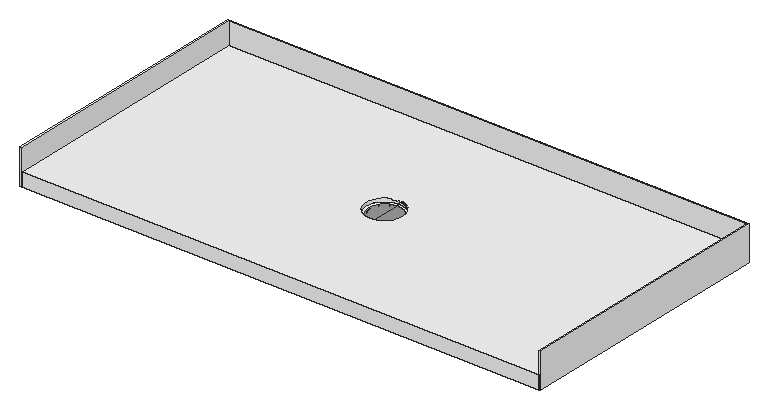
Revit family "1Plumbing-Fixture_Mincey-Marble-Manufacturing_TP-CUST-Custom-Transfer-Shower-Pan", category Plumbing Fixtures, host Face, Revit 2022
Family settings
  Host = Face
  Round Connector Dimension = Use Diameter
  Part Type = Normal
  OmniClass Number = 23.45.05.14.11.21
  Cut with Voids When Loaded = No
  Maintain Annotation Orientation = No
  Shared = No
  Room Calculation Point = No
Parameters (values of type "TP-CUST - Custom Transfer Shower Pan")
  Version = 1
  URL = "https://minceymarble.com/"
  Product data url = ""
  Product Page URL = "https://minceymarble.com/product/tp-cust-custom-transfer-pan"
  Product Material Note [instance] = "Available Product Material: Almond, Bone, Cream, Ivory, White, Light Gray, Putty."  # constant formula
  Product Material [instance] = Mincey Marble Manufacturing - Cast Marble - White
  Product Documentation Link = "https://minceymarble.com/products-specifications-tp-cust-custom-transfer-pan"
  Model = "TP-CUST"
  Manufacturer = "Mincey Marble Manufacturing"  # constant formula
  Length Note [instance] = "Available Length range: 60-120\""  # constant formula
  Length Limits [instance] = if(Length > 120", 120", if(Length < 60", 60", Length))  # 60"
  Length [instance] = 60"
  Keynote = "22 40 00.B5"
  Height = 4"  # constant formula
  Flow = 0 GPM
  Drain Vertical Offset Limits [instance] = if(or(Drain Vertical Offset = Length, Drain Vertical Offset > Length), Length Limits - 6", if(Drain Vertical Offset < 6", 6", Drain Vertical Offset))  # 30"
  Drain Vertical Offset [instance] = 30"
  Drain Horizontal Offset Limits [instance] = if(or(Drain Horizontal Offset = Depth, Drain Horizontal Offset > Depth), Depth Limits - 6", if(Drain Horizontal Offset < 6", 6", Drain Horizontal Offset))  # 15"
  Drain Horizontal Offset [instance] = 15"
  Drain Diameter = 2"
  Drain Cover Material Note [instance] = "Available Drain Cover Material: Solid, Decorative Metal"  # constant formula
  Drain Cover Material [instance] = Mincey Marble Manufacturing - PVC - Solid
  Description = "Custom Transfer Shower Pan"
  Depth Note [instance] = "Available Depth range: 30-60\""  # constant formula
  Depth Limits [instance] = if(Depth < 30", 30", if(Depth > 60", 60", Depth))  # 30"
  Depth [instance] = 30"
  Default Elevation = 48"
  Date Updated = ""
  Date Created = "2025/08/19"  # constant formula
  Assembly Code = "D2010.60"
Reference planes (in)
  plane 1 "Center (Front/Back)": y = 0
  plane 2: z = 0
  plane 3 "Center (Left/Right)": x = 0
  plane 4: x = -30
  plane 5: x = 30
  plane 6: y = 15
  plane 7: y = -15
  plane 8: z = -1.5
  plane 9: z = 2.5
  plane 10 "Drain 1": y = 0
  plane 11 "Drain 2": x = 0
Forms (in)
  Extrusion 1, solid, material "Mincey Marble Manufacturing - Cast Marble - White" <- "Product Material", detail levels medium+fine
    sketch origin (0, 0, 0) x (1, 0, 0) y (0, 1, 0)
      loop
        line (-29.875, 14.875) -> (-29.875, -15) -> (29.875, -15) -> (29.875, 14.875) -> (-29.875, 14.875)
    from 0 to -1.5
  Extrusion 2, solid, material "Mincey Marble Manufacturing - Cast Marble - White" <- "Product Material", detail levels medium+fine
    sketch origin (0, 0, 0) x (1, 0, 0) y (0, 1, 0)
      loop
        line (-30, 15) -> (-30, -15) -> (-29.875, -15) -> (-29.875, 14.875) -> (29.875, 14.875) -> (29.875, -15) -> (30, -15) -> (30, 15) -> (-30, 15)
    from -1.5 to 2.5
  Revolve 3, void, detail levels medium+fine
    sketch origin (0, 8, 48) x (0, 1, 0) y (0, 0, 1)
      loop
        line (-8, -49.5) -> (-6.375, -49.5) -> (-6.375, -48.5) -> (-5.875, -48.38) -> (-5.875, -48) -> (-8, -48) -> (-8, -49.5)
      axis (-8, -48) -> (-8, -49.5)
    angle from 0 to 360
  Revolve 4, solid, material "Mincey Marble Manufacturing - PVC - Solid" <- "Drain Cover Material", detail levels medium+fine
    sketch origin (0, 8, 48) x (0, 1, 0) y (0, 0, 1)
      loop
        line (-8, -48.43194) -> (-8, -48.5) -> (-6.375, -48.5) -> (-6.0914, -48.43194) -> (-8, -48.43194)
      axis (-8, -48.43194) -> (-8, -48.5)
    angle from 0 to 360
  Extrusion 5, void
    sketch origin (0, 0, 0) x (1, 0, 0) y (0, 1, 0)
      loop
        line (-30, 15) -> (-30, -15) -> (30, -15) -> (30, 15) -> (-30, 15)
    from -1.5 to 0
  Extrusion 6, solid, material "Mincey Marble Manufacturing - Cast Marble - White" <- "Product Material", detail levels coarse
    sketch origin (0, 0, 0) x (1, 0, 0) y (0, 1, 0)
      loop
        line (-30, -15) -> (30, -15) -> (30, 15) -> (-30, 15) -> (-30, -15)
    from -1.5 to 0
  Extrusion 7, solid, not visible
    sketch origin (0, 0, 0) x (1, 0, 0) y (0, 1, 0)
      loop
        circle (0, 0) r 0.5
    from -1.5 to -0.5
Cuts and joins
  Revolve 3 cuts Extrusion 1
Lines and regions (in)
  Masking region 1
    outline origin (0, 0, 0) x (1, 0, 0) y (0, 1, 0)
      loop
        line (-30, -15) -> (30, -15) -> (30, 15) -> (-30, 15) -> (-30, -15)
  symbolic lines, detail levels medium+fine
    curve 1: line (-29.875, -15, 0) -> (-29.875, 14.875, 0)
    curve 2: line (-29.875, 14.875, 0) -> (29.875, 14.875, 0)
    curve 3: line (29.875, 14.875, 0) -> (29.875, -15, 0)
    curve 4: circle (0, 0, 0) r 1.9086 normal (0, 0, 1)
    curve 5: circle (0, 0, 0) r 2.125 normal (0, 0, 1)
Dimensions and locks (in)
  equal spacing: plane 4, plane 3 "Center (Left/Right)", plane 5
  "Length Limits": plane 4 to plane 5
  equal spacing: plane 6, plane 1 "Center (Front/Back)", plane 7
  "Depth Limits": plane 6 to plane 7
  plane 9 to level to plane 8 = 2.5" locked, 1.5" locked
  Revolve 3 sketch curve to Revolve 3 sketch curve to plane 10 "Drain 1" = 0.5" locked, 1.625" locked
  locked: plane 11 "Drain 2" to Extrusion 7 sketch curve
  locked: plane 10 "Drain 1" to Extrusion 7 sketch curve
  "Drain Horizontal Offset Limits": plane 6 to plane 10 "Drain 1"
  "Drain Vertical Offset Limits": plane 11 "Drain 2" to plane 5
  locked: Extrusion 2 sketch curve to plane 5 at 0.125
  locked: plane 6 to Extrusion 2 sketch curve at 0.125
  locked: plane 4 to Extrusion 2 sketch curve at 0.125
  locked: Extrusion 1 sketch curve to plane 5 at 0.125
  locked: plane 6 to Extrusion 1 sketch curve at 0.125
  locked: plane 4 to Extrusion 1 sketch curve at 0.125
  Revolve 4 sketch curve to Revolve 4 sketch curve to plane 10 "Drain 1" = 0.2836" locked, 1.625" locked
  locked: plane 11 "Drain 2" to curve 4
  locked: plane 11 "Drain 2" to curve 5
  locked: plane 10 "Drain 1" to curve 5
  locked: plane 10 "Drain 1" to curve 4
  aligned and locked: plane 2 to host face
  aligned and locked: level to host face
  aligned and locked: plane 4 to Extrusion 2 sketch curve
  aligned and locked: Extrusion 2 sketch curve to plane 6
  aligned and locked: Extrusion 2 sketch curve to plane 5
  aligned and locked: plane 7 to Extrusion 2 sketch curve  (x2)
  aligned and locked: Extrusion 1 sketch curve to plane 7
  aligned and locked: Extrusion 1 to plane 8
  aligned and locked: level to Extrusion 1
  aligned and locked: Extrusion 2 to plane 8
  aligned and locked: plane 9 to Extrusion 2
  aligned and locked: Masking region 1 sketch curve to plane 4
  aligned and locked: Masking region 1 sketch curve to plane 6
  aligned and locked: Masking region 1 sketch curve to plane 7
  aligned and locked: Masking region 1 sketch curve to plane 5
  aligned and locked: Extrusion 6 sketch curve to plane 4
  aligned and locked: Extrusion 6 sketch curve to plane 6
  aligned and locked: Extrusion 6 sketch curve to plane 7
  aligned and locked: Extrusion 6 sketch curve to plane 5
  aligned and locked: Extrusion 6 to plane 8
  aligned and locked: level to Extrusion 6
  aligned and locked: plane 10 "Drain 1" to Revolve 3 sketch curve  (x2)
  aligned and locked: plane 10 "Drain 1" to Revolve 4 sketch curve
  aligned and locked: Revolve 4 sketch curve to plane 10 "Drain 1"
  aligned and locked: Extrusion 7 to plane 8
  aligned and locked: Revolve 3 sketch curve to Extrusion 2
  aligned and locked: Revolve 4 to Extrusion 7
Automatic sketch dimensions
  host sketch curve to host sketch curve = 131.51917"
  host sketch curve to host sketch curve = 96"
  Extrusion 5 sketch curve to plane 4 = 0"
  Extrusion 5 sketch curve to plane 5 = 0"
  Extrusion 5 sketch curve to plane 7 = 0"
  Extrusion 5 sketch curve to plane 6 = 0"
  Revolve 3 sketch curve to Revolve 3 sketch curve = 22.5"
  plane 9 to Revolve 3 sketch curve = 89.77586"
  plane 8 to Revolve 3 sketch curve = 1"
  Revolve 3 sketch curve to Revolve 3 sketch curve = 0.12"
  Revolve 3 sketch curve to level = 0"
  Revolve 4 sketch curve to level = 0.43194"
  Revolve 4 sketch curve to plane 8 = 22.5"
  plane 9 to Revolve 4 sketch curve = 89.77586"
  Revolve 4 sketch curve to Revolve 4 sketch curve = 0.06806"
  curve 1 to plane 7 = 0"
  curve 3 to plane 7 = 0"
  curve 2 to plane 4 = 0.125"
  curve 3 to plane 5 = 0.125"
  curve 3 to plane 6 = 0.125"
  radius of Extrusion 7 sketch curve = 0.5"
  radius of curve 4 = 1.9086"
  radius of curve 5 = 2.125"
Connectors (in)
  piping at (0, 0, -1.5), diameter 2, driven by "Drain Diameter", driven by "Flow"
    settings: on Extrusion 7, index 1, connector inside diameter 24", connector length 0", flow factor 0, pipe flow 0 GPM, pressure drop 0.00 psi, fitting loss kfactor 0, connector angle 0.00°, fixture units 0, engagement length 0", angle of deflection 0.00°, flow configuration 0, flow direction 2, fitting loss method 0, system type 16, joint type 0, gender type 0, connector reference index -1, connector utility 0, adjustable connector no, is connector primary yes, connector description "Drain"
